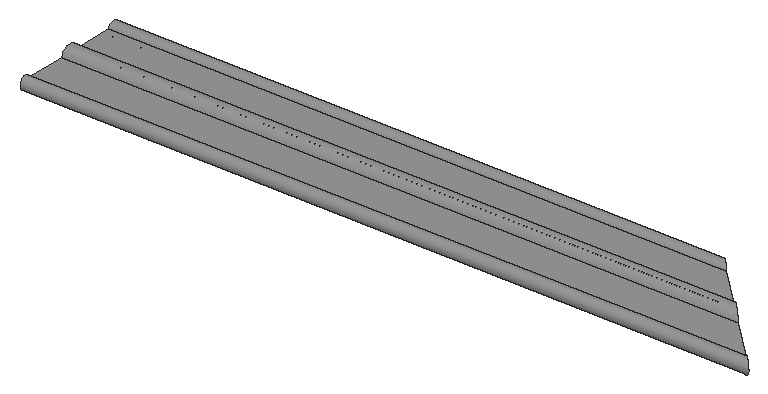
Revit family "PVC949_9Inch DCB PVC Waterstop", category Specialty Equipment, Revit 2019
Family settings
  Round Connector Dimension = Use Diameter
  Part Type = Normal
  OmniClass Number = 23.10.00.00
  OmniClass Title = Site Products
  Cut with Voids When Loaded = No
  Shared = No
  Room Calculation Point = No
Parameters (values of type "PVC949 - Horizontal")
  z_Vertical = no
  z_Left Cut Distance [instance] = if([Left Cut 45° Tee-Cross], 0.00", 3.00")  # 3.00"
  z_Horizontal = yes
  z_Distance 3 [instance] = if(Ellbow Cut, 4.00", 15.00")  # 4.00"
  z_Distance 2 [instance] = if(and(Corner Cut, z_Vertical), 0.44", 5.00")  # 5.00"
  z_Distance 1 [instance] = if([Right Cut 45° Tee-Cross], 5.00", 10.00")  # 10.00"
  z_Distance [instance] = if([Left Cut 45° Tee-Cross], 5.00", 10.00")  # 10.00"
  z_Cut Distance [instance] = if(z_Distance 2 = 0.44", 0.44", 0.00")  # 0.00"
  Width = 9.00"
  Weight = "3.1 lbs/lft"
  URL = "https://www.jpspecialties.com/"
  z_Right Cut Distance [instance] = if([Right Cut 45° Tee-Cross], 0.00", 3.00")  # 3.00"
  Telephone = "951-763-7077"
  Right Cut 45° Tee-Cross [instance] = no
  Product data url = "www.bimmodeller.com/jpspecialties/products/Polyvinyl-Chloride-PVC-Waterstop"
  Product Material = JP Specialties - Polyvinyl Chloride (PVC)
  Product Guid = "27e5cdcc-cece-4d8c-947d-ca6b8ef269ba"  # constant formula
  NOTE [instance] = "Elbow Cut and Tee-Cross cuts cannot be checked at the same time"  # constant formula
  Model = "PVC949"
  Materials = PVC
  Manufacturer = "J P Specialties Inc."  # constant formula
  built-in parameter 1001306 [instance] = 48.00"
  Left Cut 45° Tee-Cross [instance] = no
  z_Ellbow Cut Distance [instance] = if(Ellbow Cut, 0.00", 3.00")  # 0.00"
  z_Ellbow Cut Sweep Distance [instance] = if(Ellbow Cut, 0.00", 0.00")  # 0.00"
  Hydrophobic = "Yes"
  Hydrophilic = "No"
  Height = 1.50"
  Ellbow Cut [instance] = yes
  Keynote = "13000"
  Edition number = 1
  Description = "PVC949 is 9\" x 3/8\" x 50' Earth Shield PVC dumbbell centerbulb waterstop."
  Corner Cut [instance] = no
  Certifications = "NSF 61, NSF 372, CRD C-572-74, ASTM D565"
  Assembly Code = "F1030"
Types (2): name | z_Vertical | z_Horizontal | z_Distance 3 | z_Distance 1 | z_Right Cut Distance | Right Cut 45° Tee-Cross | z_Ellbow Cut Distance | Ellbow Cut
  PVC949 - Horizontal | no | yes | 4.00" | 10.00" | 3.00" | no | 0.00" | yes
  PVC949 - Vertical | yes | no | 15.00" | 5.00" | 0.00" | yes | 3.00" | no
Reference planes (in)
  plane 1 "Center (Front/Back)": y = 0
  plane 2: z = 0
  plane 3 "Left": x = 0
  plane 4 "Right": x = 48
  plane 5: y = 3
  plane 6: y = -3
  plane 7: z = -1
  plane 8: z = 10
  plane 9: z = -10
  plane 10: x = 48
  plane 11: z = 4
  plane 12: x = -5
  plane 13: x = 0
  plane 14: y = 4.75
Forms (in)
  Extrusion 1, void
    sketch origin (0, 0, 0) x (1, 0, 0) y (0, 1, 0)
      loop
        line (48, 0) -> (48, 4.75) -> (43.25, 4.75) -> (48, 0)
    from 2 to 12
  Extrusion 2, void
    sketch origin (0, 0, 0) x (1, 0, 0) y (0, 1, 0)
      loop
        line (48, -4.51845) -> (48, 4.75) -> (38.73155, 4.75) -> (48, -4.51845)
    from -1 to 12
  Extrusion 3, void
    sketch origin (0, 0, 0) x (1, 0, 0) y (0, 1, 0)
      loop
        line (48, 0) -> (43.5, -4.5) -> (48, -4.5) -> (48, 0)
    from 2 to 12
  Extrusion 4, void
    sketch origin (0, 0, 0) x (1, 0, 0) y (0, 0, 1)
      loop
        line (48, 5.05025) -> (48, 10) -> (43.05025, 10) -> (48, 5.05025)
    from -8.21469 to 12
  Extrusion 5, void
    sketch origin (0, 0, 0) x (1, 0, 0) y (0, 0, 1)
      loop
        line (48, -5) -> (43, -10) -> (48, -10) -> (48, -5)
    from -8.21469 to 12
  Extrusion 6, void
    sketch origin (0, 0, 0) x (1, 0, 0) y (0, 0, 1)
      loop
        line (48, 4.5) -> (38.5, -5) -> (48, -5) -> (48, 4.5)
    from -8.21469 to 12
  Extrusion 7, void
    sketch origin (0, 0, 0) x (1, 0, 0) y (0, 1, 0)
      loop
        line (-5, -4.5025) -> (4.2525, 4.75) -> (-5, 4.75) -> (-5, -4.5025)
    from -8.14882 to 12
  Sweep 8, solid, material "PVC" <- "Materials", visible <- "z_Horizontal"
    path origin (0, 0, 0) x (1, 0, 0) y (0, 1, 0)
      loop
        line (-5, 0.00016) -> (48, 0.00016)
    profile "PVC949 : PVC949" origin (21.5, 0.00016, 0) x (0, 1, 0) y (0, 0, 1)
      loop
        circle (0, 0) r 0.375
      loop
        line (-0.72617, 0.18752) -> (-3.59002, 0.18752)
        arc (-3.59002, 0.18752) -> (-4.49918, 0.00002) -> (-3.59002, -0.18748) r 0.47391
        line (-3.59002, -0.18748) -> (-0.72617, -0.18748)
        arc (-0.72617, -0.18748) -> (0, -0.74998) -> (0.72617, -0.18748) r 0.74998
        line (0.72617, -0.18748) -> (3.5365, -0.18748)
        arc (3.5365, -0.18748) -> (4.5, 0.00002) -> (3.5365, 0.18752) r 0.5
        line (3.5365, 0.18752) -> (0.72617, 0.18752)
        arc (0.72617, 0.18752) -> (0, 0.74998) -> (-0.72617, 0.18752) r 0.74999
  Sweep 9, solid, material "PVC" <- "Materials", visible <- "z_Vertical"
    path origin (0, 0, 0) x (1, 0, 0) y (0, 1, 0)
      loop
        line (-5, 0) -> (48, 0)
    profile "PVC949 : PVC949" origin (21.5, 0, 0) x (0, 1, 0) y (0, 0, 1)
      loop
        circle (0.00041, 0.00041) r 0.375
      loop
        line (0.18787, 0.7266) -> (0.18762, 3.59045)
        arc (0.18762, 3.59045) -> (0.00004, 4.49959) -> (-0.18738, 3.59042) r 0.47391
        line (-0.18738, 3.59042) -> (-0.18713, 0.72656)
        arc (-0.18713, 0.72656) -> (-0.74957, 0.00035) -> (-0.18701, -0.72578) r 0.74998
        line (-0.18701, -0.72578) -> (-0.18677, -3.5361)
        arc (-0.18677, -3.5361) -> (0.00082, -4.49959) -> (0.18823, -3.53607) r 0.5
        line (0.18823, -3.53607) -> (0.18799, -0.72574)
        arc (0.18799, -0.72574) -> (0.75039, 0.00047) -> (0.18787, 0.7266) r 0.74999
Cuts and joins
  Extrusion 1, Extrusion 2, Extrusion 3 cuts Sweep 8
  Extrusion 4, Extrusion 5, Extrusion 6 cuts Sweep 9
Lines and regions (in)
  reference lines
    curve 1: line (0, 0, 0) -> (48, 0, 0)
Dimensions and locks (in)
  "built-in parameter 1001306": plane 3 "Left" to plane 4 "Right"
  equal spacing: plane 5, plane 1 "Center (Front/Back)", plane 6
  locked: plane 5 to plane 6 at 6
  locked: Extrusion 1 sketch curve to plane 4 "Right" at 4.75
  locked: plane 2 to plane 7 at 1
  "z_Left Cut Distance": Extrusion 1 to plane 7
  "z_Ellbow Cut Distance": Extrusion 2 to plane 7
  locked: Extrusion 3 sketch curve to plane 4 "Right" at 4.5
  locked: plane 6 to Extrusion 3 sketch curve at 3
  "z_Right Cut Distance": Extrusion 3 to plane 7
  "z_Distance": plane 8 to plane 2
  locked: plane 8 to Extrusion 4 sketch curve at 4.94975
  "z_Distance 1": plane 2 to plane 9
  locked: Extrusion 5 sketch curve to plane 9 at 5
  "z_Ellbow Cut Sweep Distance": plane 10 to plane 4 "Right"
  "z_Distance 3": plane 11 to plane 2
  "z_Distance 2": plane 12 to plane 3 "Left"
  locked: plane 1 "Center (Front/Back)" to Extrusion 7 sketch curve at 4.75
  "z_Cut Distance": plane 13 to plane 3 "Left"
  locked: plane 12 to Extrusion 7 sketch curve at 9.2525
  locked: plane 5 to plane 14 at 1.75
  locked: Extrusion 6 sketch curve to Extrusion 6 sketch curve at 9.5  (x2)
  locked: Extrusion 2 sketch curve to Extrusion 2 sketch curve at 9.26845
  locked: Extrusion 2 sketch curve to plane 10 at 9.26845
  locked: plane 4 "Right" to Extrusion 1 sketch curve (angle 45.00°)
  locked: Extrusion 3 sketch curve to plane 4 "Right" (angle 45.00°)
  locked: plane 4 "Right" to Extrusion 4 sketch curve (angle 45.00°)
  angle Extrusion 5 sketch curve to plane 4 "Right" = 45.00°
  locked: Extrusion 7 sketch curve to plane 12 (angle 45.00°)
  locked: Extrusion 6 sketch curve to Extrusion 6 sketch curve (angle 45.00°)
  angle Extrusion 2 sketch curve to Extrusion 2 sketch curve = 45.00°
  aligned and locked: plane 4 "Right" to curve 1
  aligned and locked: plane 1 "Center (Front/Back)" to curve 1
  aligned and locked: plane 3 "Left" to curve 1
  aligned and locked: level to plane 2
  aligned and locked: Extrusion 1 sketch curve to plane 4 "Right"
  aligned and locked: plane 1 "Center (Front/Back)" to Extrusion 1 sketch curve
  aligned and locked: Extrusion 4 sketch curve to plane 8
  aligned and locked: Extrusion 4 sketch curve to plane 4 "Right"
  aligned and locked: plane 4 "Right" to Extrusion 5 sketch curve  (x2)
  aligned and locked: plane 9 to Extrusion 5 sketch curve
  aligned and locked: plane 10 to Extrusion 6 sketch curve
  aligned and locked: plane 12 to Sweep 8 sketch curve
  aligned and locked: plane 10 to Sweep 8 sketch curve
  aligned and locked: plane 10 to Extrusion 3 sketch curve
  aligned and locked: plane 14 to Extrusion 1 sketch curve
  aligned and locked: plane 12 to Sweep 9 sketch curve
  aligned and locked: plane 1 "Center (Front/Back)" to Sweep 9 sketch curve
  aligned and locked: plane 10 to Sweep 9 sketch curve
  aligned and locked: plane 12 to Extrusion 7 sketch curve
Automatic sketch dimensions
  Sweep 8 sketch curve to plane 1 "Center (Front/Back)" = 0.00016"
  Extrusion 6 sketch curve to plane 11 = 0.50"
  plane 6 to Extrusion 2 sketch curve = 1.51845"
